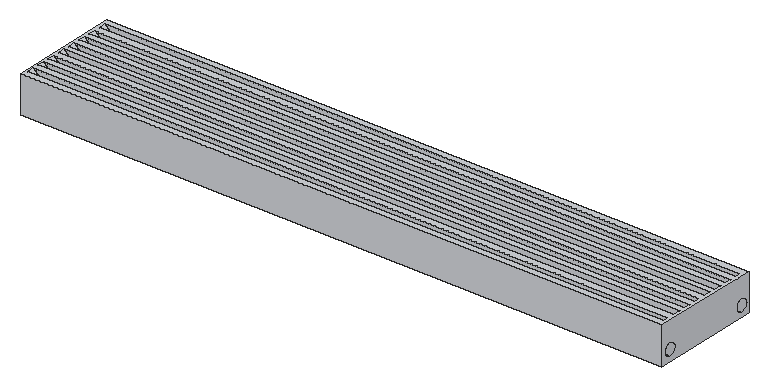
Revit family "SL09", category Mechanical Equipment, Revit 2017
Family settings
  Round Connector Dimension = Use Diameter
  Part Type = Normal
  OmniClass Number = 23.75.00.00
  OmniClass Title = Climate Control (HVAC)
  Work Plane-Based = No
  Always vertical = Yes
  Cut with Voids When Loaded = No
  Shared = No
  Room Calculation Point = No
Parameters
  Width = 203 mm
  Length = 1200 mm
  Height = 200 mm
Reference planes
  plane 1 "Center (Front/Back)": y = 0
  plane 2: z = 0
  plane 3 "Center (Left/Right)": x = 0
  plane 4: x = 0
  plane 5: x = -600
  plane 6: x = 600
  plane 7: x = -595
  plane 8: x = -580
  plane 9: x = 595
  plane 10: x = 580
  plane 11: x = 597
  plane 12: x = -597
  plane 13: z = 270
  plane 14: z = 255
  plane 15: z = 215
  plane 16: z = 200
  plane 17: y = -3
  plane 18: y = -203
  plane 19: y = -200
  plane 20: y = -185
  plane 21: y = -18
  plane 22: x = -530
  plane 23: x = 530
  plane 24: x = -533
  plane 25: x = 533
  plane 26 "Center": y = -101.5
Forms (mm)
  Extrusion 1, solid
    sketch origin (0, 0, 0) x (1, 0, 0) y (0, 0, 1)
      loop
        line (-600, 270) -> (-600, 200) -> (-595, 200) -> (-580, 215) -> (-580, 255) -> (-595, 270) -> (-600, 270)
      loop
        line (600, 270) -> (595, 270) -> (580, 255) -> (580, 215) -> (595, 200) -> (600, 200) -> (600, 270)
    from 0 to 203
  Extrusion 2, solid
    sketch origin (0, 0, 0) x (1, 0, 0) y (0, 1, 0)
      loop
        line (-595, 0) -> (-595, -11) -> (595, -11) -> (595, 0) -> (-595, 0)
    from 200 to 270
  Extrusion 3, solid
    sketch origin (0, -24, 0) x (1, 0, 0) y (0, 1, 0)
      loop
        line (-595, 0) -> (-595, -11) -> (595, -11) -> (595, 0) -> (-595, 0)
    from 200 to 270
  Extrusion 4, solid
    sketch origin (0, -48, 0) x (1, 0, 0) y (0, 1, 0)
      loop
        line (-595, 0) -> (-595, -11) -> (595, -11) -> (595, 0) -> (-595, 0)
    from 200 to 270
  Extrusion 5, solid
    sketch origin (0, -72, 0) x (1, 0, 0) y (0, 1, 0)
      loop
        line (-595, 0) -> (-595, -11) -> (595, -11) -> (595, 0) -> (-595, 0)
    from 200 to 270
  Extrusion 6, solid
    sketch origin (0, -96, 0) x (1, 0, 0) y (0, 1, 0)
      loop
        line (-595, 0) -> (-595, -11) -> (595, -11) -> (595, 0) -> (-595, 0)
    from 200 to 270
  Extrusion 7, solid
    sketch origin (0, -120, 0) x (1, 0, 0) y (0, 1, 0)
      loop
        line (-595, 0) -> (-595, -11) -> (595, -11) -> (595, 0) -> (-595, 0)
    from 200 to 270
  Extrusion 8, solid
    sketch origin (0, -144, 0) x (1, 0, 0) y (0, 1, 0)
      loop
        line (-595, 0) -> (-595, -11) -> (595, -11) -> (595, 0) -> (-595, 0)
    from 200 to 270
  Extrusion 9, solid
    sketch origin (0, -168, 0) x (1, 0, 0) y (0, 1, 0)
      loop
        line (-595, 0) -> (-595, -11) -> (595, -11) -> (595, 0) -> (-595, 0)
    from 200 to 270
  Extrusion 10, solid
    sketch origin (0, -192, 0) x (1, 0, 0) y (0, 1, 0)
      loop
        line (-595, 0) -> (-595, -11) -> (595, -11) -> (595, 0) -> (-595, 0)
    from 200 to 270
  Extrusion 11, solid
    sketch origin (0, 0, 0) x (0, 1, 0) y (0, 0, 1)
      loop
        circle (-17.5, 222) r 10.5
      loop
        circle (-185.5, 222) r 10.5
    from -600 to -602
  Extrusion 12, solid
    sketch origin (0, 0, 0) x (0, 1, 0) y (0, 0, -1)
      loop
        circle (-17.5, -222) r 10.5
      loop
        circle (-185.5, -222) r 10.5
    from -600 to -602
Cuts and joins
  joined: Extrusion 1, Extrusion 2, Extrusion 3, Extrusion 4, Extrusion 5, Extrusion 6, Extrusion 7, Extrusion 8, Extrusion 9, Extrusion 10
Dimensions and locks
  equal spacing: plane 5, plane 4, plane 6
  "Length": plane 5 to plane 6
  locked: plane 7 to plane 8 at 15
  locked: plane 5 to plane 7 at 5
  locked: plane 9 to plane 10 at 15
  locked: plane 6 to plane 9 at 5
  locked: plane 11 to plane 6 at 3
  locked: plane 5 to plane 12 at 3
  "Height": plane 16 to level
  locked: plane 13 to plane 14 at 15
  locked: plane 13 to plane 16 at 70
  locked: plane 15 to plane 16 at 15
  "Width": plane 18 to plane 1 "Center (Front/Back)"
  locked: plane 23 to plane 6 at 70
  locked: plane 17 to plane 1 "Center (Front/Back)" at 3
  locked: plane 19 to plane 18 at 3
  locked: plane 21 to plane 1 "Center (Front/Back)" at 18
  locked: plane 20 to plane 18 at 18
  locked: plane 24 to plane 22 at 3
  locked: plane 23 to plane 25 at 3
  Extrusion 2 sketch curve to Extrusion 2 sketch curve = 11 mm
  Extrusion 3 sketch curve to Extrusion 3 sketch curve = 11 mm
  Extrusion 4 sketch curve to Extrusion 4 sketch curve = 11 mm
  Extrusion 5 sketch curve to Extrusion 5 sketch curve = 11 mm
  Extrusion 6 sketch curve to Extrusion 6 sketch curve = 11 mm
  Extrusion 7 sketch curve to Extrusion 7 sketch curve = 11 mm
  Extrusion 8 sketch curve to Extrusion 8 sketch curve = 11 mm
  Extrusion 9 sketch curve to Extrusion 9 sketch curve = 11 mm
  Extrusion 10 sketch curve to Extrusion 10 sketch curve = 11 mm
  locked: plane 5 to plane 22 at 70
  equal spacing: plane 18, plane 26 "Center", plane 1 "Center (Front/Back)"
  locked: Extrusion 2 to Extrusion 2 at 11
  locked: Extrusion 3 to Extrusion 2 at 13
  plane 21 to Extrusion 3 to Extrusion 3 = 6 mm locked, 11 mm locked
  locked: Extrusion 4 to Extrusion 3 at 13
  locked: Extrusion 4 to Extrusion 4 at 11
  locked: Extrusion 5 to Extrusion 4 at 13
  locked: Extrusion 5 to Extrusion 5 at 11
  locked: Extrusion 6 to Extrusion 5 at 13
  locked: Extrusion 6 to Extrusion 6 at 11
  locked: Extrusion 7 to Extrusion 6 at 13
  locked: Extrusion 7 to Extrusion 7 at 11
  locked: Extrusion 8 to Extrusion 7 at 13
  locked: Extrusion 8 to Extrusion 8 at 11
  locked: Extrusion 9 to Extrusion 8 at 13
  locked: Extrusion 9 to Extrusion 9 at 11
  locked: Extrusion 10 to Extrusion 9 at 13
  locked: Extrusion 10 to Extrusion 10 at 11
  locked: plane 1 "Center (Front/Back)" to Extrusion 11 sketch curve at 17.5
  Extrusion 11 sketch curve to plane 16 = 22 mm
  locked: Extrusion 11 sketch curve to plane 18 at 17.5
  locked: Extrusion 11 sketch curve to plane 16 at 22
  locked: plane 5 to Extrusion 11 at 2
  locked: plane 6 to Extrusion 12 at 2
  aligned and locked: level to plane 2
  aligned and locked: plane 5 to Extrusion 1 sketch curve
  aligned and locked: Extrusion 1 sketch curve to plane 8
  aligned and locked: plane 16 to Extrusion 1 sketch curve
  aligned and locked: Extrusion 1 sketch curve to plane 13
  aligned and locked: Extrusion 1 sketch curve to plane 6
  aligned and locked: plane 13 to Extrusion 1 sketch curve
  aligned and locked: plane 10 to Extrusion 1 sketch curve
  aligned and locked: Extrusion 1 sketch curve to plane 16
  aligned and locked: plane 13 to Extrusion 2
  aligned and locked: Extrusion 2 to plane 16
  aligned and locked: Extrusion 10 to plane 9
  aligned and locked: Extrusion 9 to plane 9
  aligned and locked: Extrusion 8 to plane 9
  aligned and locked: Extrusion 7 to plane 9
  aligned and locked: Extrusion 6 to plane 9
  aligned and locked: Extrusion 5 to plane 9
  aligned and locked: Extrusion 4 to plane 9
  aligned and locked: Extrusion 3 to plane 9
  aligned and locked: Extrusion 2 to plane 9
  aligned and locked: plane 13 to Extrusion 10
  aligned and locked: plane 13 to Extrusion 9
  aligned and locked: plane 13 to Extrusion 8
  aligned and locked: plane 13 to Extrusion 7
  aligned and locked: plane 13 to Extrusion 6
  aligned and locked: plane 13 to Extrusion 5
  aligned and locked: plane 13 to Extrusion 4
  aligned and locked: plane 13 to Extrusion 3
  aligned and locked: Extrusion 10 to plane 16
  aligned and locked: Extrusion 9 to plane 16
  aligned and locked: Extrusion 8 to plane 16
  aligned and locked: Extrusion 7 to plane 16
  aligned and locked: Extrusion 6 to plane 16
  aligned and locked: Extrusion 5 to plane 16
  aligned and locked: Extrusion 4 to plane 16
  aligned and locked: Extrusion 3 to plane 16
  aligned and locked: Extrusion 1 to plane 18
  aligned and locked: plane 6 to Extrusion 12
  aligned and locked: plane 5 to Extrusion 11
Automatic sketch dimensions
  Extrusion 1 sketch curve to plane 7 = 0 mm  (x2)
  plane 9 to Extrusion 1 sketch curve = 0 mm  (x2)
  Extrusion 1 sketch curve to plane 15 = 0 mm  (x2)
  Extrusion 1 sketch curve to plane 14 = 0 mm  (x2)
  plane 1 "Center (Front/Back)" to Extrusion 2 sketch curve = 0 mm
  Extrusion 2 sketch curve to plane 7 = 0 mm
  Extrusion 2 sketch curve to plane 9 = 0 mm
  Extrusion 3 sketch curve to plane 7 = 0 mm
  Extrusion 3 sketch curve to plane 9 = 0 mm
  Extrusion 3 sketch curve to plane 21 = 17 mm
  Extrusion 4 sketch curve to plane 7 = 0 mm
  Extrusion 4 sketch curve to plane 9 = 0 mm
  Extrusion 4 sketch curve to plane 21 = 41 mm
  Extrusion 5 sketch curve to plane 7 = 0 mm
  Extrusion 5 sketch curve to plane 9 = 0 mm
  Extrusion 5 sketch curve to plane 21 = 65 mm
  Extrusion 6 sketch curve to plane 7 = 0 mm
  Extrusion 6 sketch curve to plane 9 = 0 mm
  Extrusion 6 sketch curve to plane 26 "Center" = 5.5 mm
  Extrusion 7 sketch curve to plane 7 = 0 mm
  Extrusion 7 sketch curve to plane 9 = 0 mm
  Extrusion 7 sketch curve to plane 26 "Center" = 29.5 mm
  Extrusion 8 sketch curve to plane 7 = 0 mm
  Extrusion 8 sketch curve to plane 9 = 0 mm
  Extrusion 8 sketch curve to plane 26 "Center" = 53.5 mm
  Extrusion 9 sketch curve to plane 7 = 0 mm
  Extrusion 9 sketch curve to plane 9 = 0 mm
  Extrusion 9 sketch curve to plane 26 "Center" = 77.5 mm
  Extrusion 10 sketch curve to plane 7 = 0 mm
  Extrusion 10 sketch curve to plane 9 = 0 mm
  Extrusion 10 sketch curve to plane 26 "Center" = 101.5 mm
  Extrusion 12 sketch curve to plane 20 = 0.5 mm
  plane 21 to Extrusion 12 sketch curve = 0.5 mm
  Extrusion 12 sketch curve to plane 15 = 7 mm  (x2)
  radius of Extrusion 11 sketch curve = 10.5 mm  (x2)
  radius of Extrusion 12 sketch curve = 10.5 mm  (x2)
